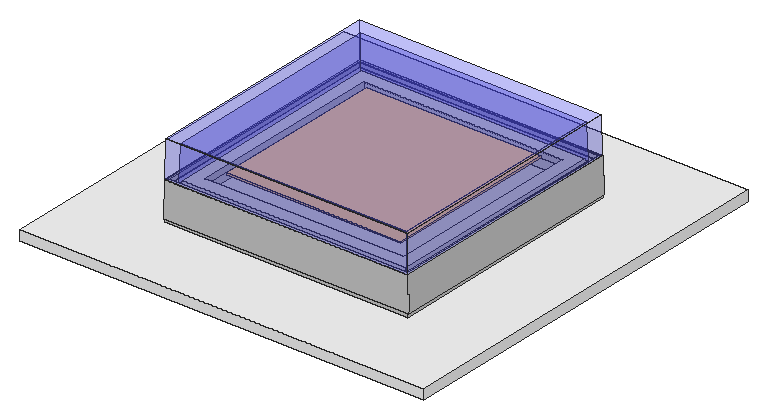
Revit family "BE_33602_de_DE", category Leuchten, Revit 2015
Parameters (values of type "BEGA_33602_Silber_K4")
  built-in parameter 1150104 = 12.808 (stored number, unit not read)
  Wattage = 14 W
  Default Elevation = 0 mm
  built-in parameter 1150113 = 1 (stored number, unit not read)
  built-in parameter 1114218 = 1 (stored number, unit not read)
  Umgebungstemperatur = "25 °C"
  URL = "http://www.bega.de/produkt/33602"
  Typenkommentare = "© 2015 BEGA. Wir behalten uns das Recht vor, technische Änderungen ohne vorherige Ankündigung vorzunehmen."  # constant formula
  Type Image = 33602.png
  built-in parameter 1150134 = 12
  built-in parameter 1150109 = 1 (stored number, unit not read)
  Strom = ""
  built-in parameter 1150110 = 1 (stored number, unit not read)
  Spannung = 0 V
  Sonderanfertigung = no
  Seriennummer [instance] = "Hier können Sie die eindeutige Seriennummer für das Facility Management eintragen."
  Schutzklasse = "I"
  Schutzart = "IP 65"
  Scheinlast = 0 VA
  Produktdatenblatt = "http://www.bega.de/download/datenblaetter/de/33602.pdf"
  Neigungswinkel = 0.00°
  Modell = "33602AK4"
  Material_15 = BEGA_Leuchtmedium_matt
  Material_11 = BEGA_Glas_opal
  Material_02 = BEGA_Oberfläche_Silber_matt
  Material_01 = BEGA_Oberfläche_Grafit_matt
  M_G = no
  M_A = yes
  Logo = 0
  built-in parameter 1114217 = 1 (stored number, unit not read)
  built-in parameter 1150139 = (empty or 0)
  built-in parameter 1150105 = 153.59 (stored number, unit not read)
  built-in parameter 1150114 = 1 (stored number, unit not read)
  Lumens = 1930.04 lm
  built-in parameter 1150115 = 1 (stored number, unit not read)
  Leuchtenlichtstrom = "858 lm"
  Leuchtenanzahl = ""
  Lebensdauerkriterien = "L70 = 50.000 h"
  Lastklassifizierung = Beleuchtung
  built-in parameter 1150112 = 1 (stored number, unit not read)
  Lampenlichtstrom = "1930 lm"
  Lampe = "LED 14 W"
  LED_Modulbezeichnung = "LED-0409/840 "
  built-in parameter 1150142 = (empty or 0)
  Hersteller = "BEGA"  # constant formula
  Halbstreuwinkel = ""
  Gewicht = "3.9 kg"
  Frequenz = "0/50-60 Hz"
  Farbwiedergabeindex = "Ra > 80"
  Farbtemperaturverschiebung bei Dämpfen der Lampe = <Keine Auswahl>
  Farbtemperatur = "4000 K"
  Color Filter = 16777215
  built-in parameter 1150133 = 10 (stored number, unit not read)
  Energieeffizienzklasse = "LED A++ - A"
  built-in parameter 1150137 = (empty or 0)
  built-in parameter 1150132 = (empty or 0)
  Dimmbar = "DALI"
  Datei für fotometrisches Netz = "BE_33602K4.IES"
  CE_Konformität = "ja"
  Bestellnummer = "33602AK4"
  Beschreibung_Sonderanfertigung = "Hier können Sie Informationen zur Sonderanfertigung eintragen."
  Beschreibung = "Wandleuchte"
  built-in parameter 1150106 = 1.5359 (stored number, unit not read)
  Befestigungsbohrung = "Ø 6 mm"
  Befestigungsabstand = "210 mm"
  BEGA_Intern_aus = yes
  BEGA_Intern_an = yes
  BEGA_Intern_Konstruktion = yes
  BEGA_Intern = yes
  BEGA_IES = yes
  BEGA_Dummy = no
  Anschlussleistung [instance] = "16.5 W"
  built-in parameter 1150107 = 4000 (stored number, unit not read)
  built-in parameter 1150102 = (empty or 0)
  built-in parameter 1150138 = (empty or 0)
  Aktualisierung = "2015-10-27T04:08:49"
  AC/DC = "AC/DC"
Types (5, lengths in mm): name | built-in parameter 1150104 | built-in parameter 1150134 | Modell | M_G | M_A | built-in parameter 1150105 | Lumens | Lampenlichtstrom | LED_Modulbezeichnung | Farbtemperatur | Datei für fotometrisches Netz | Bestellnummer | built-in parameter 1150106 | built-in parameter 1150107
  (no name) | 12.808 (stored number, unit not read) | 12 | "33602AK4" | no | yes | 153.59 (stored number, unit not read) | 1930.04 lm | "1930 lm" | "LED-0409/840 " | "4000 K" | "BE_33602K4.IES" | "33602AK4" | 1.5359 (stored number, unit not read) | 4000 (stored number, unit not read)
  BEGA_33602_Grafit_K4 | 12.808 (stored number, unit not read) | 12 | "33602K4" | yes | no | 153.59 (stored number, unit not read) | 1930.04 lm | "1930 lm" | "LED-0409/840 " | "4000 K" | "BE_33602K4.IES" | "33602K4" | 1.5359 (stored number, unit not read) | 4000 (stored number, unit not read)
  BEGA_33602_Silber_K4 | 12.808 (stored number, unit not read) | 12 | "33602AK4" | no | yes | 153.59 (stored number, unit not read) | 1930.04 lm | "1930 lm" | "LED-0409/840 " | "4000 K" | "BE_33602K4.IES" | "33602AK4" | 1.5359 (stored number, unit not read) | 4000 (stored number, unit not read)
  BEGA_33602_Grafit_K3 | 12.011 (stored number, unit not read) | (empty or 0) | "33602" | yes | no | 144.04 (stored number, unit not read) | 1810.06 lm | "1810 lm" | "LED-0409/830 " | "3000 K" | "BE_33602.IES" | "33602" | 1.4404 (stored number, unit not read) | 3000 (stored number, unit not read)
  BEGA_33602_Silber_K3 | 12.011 (stored number, unit not read) | (empty or 0) | "33602A" | no | yes | 144.04 (stored number, unit not read) | 1810.06 lm | "1810 lm" | "LED-0409/830 " | "3000 K" | "BE_33602.IES" | "33602A" | 1.4404 (stored number, unit not read) | 3000 (stored number, unit not read)
Reference planes
  plane 1 "Mitte (Vorne/Hinten)": y = 0
  plane 2: z = 0
  plane 3 "Mitte (Links/Rechts)": x = 0
  plane 4 "Links": x = -121
  plane 5 "Rechts": x = 121
  plane 6 "Unten": y = -120.994
  plane 7 "Oben": y = 120.994
  plane 8 "Vorne": z = 73.729
Forms (mm)
  Extrusion 1, solid, material "BEGA_Platte_Weiss"
    sketch origin (0, -1119.2, 0) x (1, 0, 0) y (0, 1, 0)
      loop
        line (-200, 1319.2) -> (-200, 919.2) -> (200, 919.2) -> (200, 1319.2) -> (-200, 1319.2)
    from 0 to -10
  Extrusion 2, solid, material "BEGA_Dummy_matt", visible <- "BEGA_Dummy"
    sketch origin (80.095, -76.023, 0) x (1, 0, 0) y (0, 1, 0)
      loop
        line (-201.095, 197.017) -> (-201.095, -44.971) -> (40.905, -44.971) -> (40.905, 197.017) -> (-201.095, 197.017)
    from 0 to 73.729
Dimensions and locks
  aligned and locked: Extrusion 1 to plane 2
  aligned and locked: level to Extrusion 1
Nested families
  nested 1: "BE_33602_Wandleuchte" at (0, 0, 0), type "BE_33602_Wandleuchte"
    with Neigungswinkel_um_Y2 0.00°, Neigungswinkel_um_Y1 0.00°, Neigungswinkel_um_X2 0.00°, Neigungswinkel_um_X1 0.00°, Drehwinkel_um_Z2 0.00°, Drehwinkel_um_Z1 0.00°, BEGA_Neigng_Y2 0.00°, BEGA_Neigng_Y1 0.00°, BEGA_Neigng_X2 0.00°, BEGA_Neigng_X1 0.00°, BEGA_Infotext_Winkel no
Connectors
  electrical at (0, 0, 0), driven by "Lastklassifizierung", driven by "Spannung", driven by "Scheinlast"
    settings: index 1, voltage 0 V, apparent load 0 VA, apparent load phase1 0 VA, apparent load phase2 0 VA, apparent load phase3 0 VA, power factor 1, load classification "Beleuchtung", number of poles 1, system type 31, power factor state 1, is connector primary yes, connector utility no, sub classification motor no, connector description ""
Definition of nested family "BE_33602_Wandleuchte"
  Parameters (values of type "BE_33602_Wandleuchte")
    Default Elevation = 1 mm
    URL = "http://www.bega.de/de/produkt"
    Type Comments = "© 2015 BEGA. Wir behalten uns das Recht vor, technische Änderungen ohne vorherige Ankündigung vorzunehmen. "  # constant formula
    Type Image = Bega_Revit_Typenbild_78x78.png
    Neigungswinkel_um_Y2 [instance] = 0.00°
    Neigungswinkel_um_Y1 [instance] = 0.00°
    Neigungswinkel_um_X2 [instance] = 0.00°
    Neigungswinkel_um_X1 [instance] = 0.00°
    Material_15 = none
    Material_11 = none
    Material_02 = none
    M_G = yes
    M_A = yes
    Länge_Platte = 260 mm  # constant formula
    Höhe_Platte = -10 mm  # constant formula
    Manufacturer = "BEGA"  # constant formula
    Drehwinkel_um_Z2 [instance] = 0.00°
    Drehwinkel_um_Z1 [instance] = 0.00°
    Breite_Platte = 260 mm  # constant formula
    BEGA_Neigng_Y2 [instance] = if(Neigungswinkel_um_Y2 < -30.00°, -30.00°, if(Neigungswinkel_um_Y2 > 30.00°, 30.00°, Neigungswinkel_um_Y2))  # 0.00°
    BEGA_Neigng_Y1 [instance] = if(Neigungswinkel_um_X2 < -30.00°, -30.00°, if(Neigungswinkel_um_X2 > 30.00°, 30.00°, Neigungswinkel_um_X2))  # 0.00°
    BEGA_Neigng_X2 [instance] = if(Neigungswinkel_um_Y1 < -30.00°, -30.00°, if(Neigungswinkel_um_Y1 > 30.00°, 30.00°, Neigungswinkel_um_Y1))  # 0.00°
    BEGA_Neigng_X1 [instance] = if(Neigungswinkel_um_X1 < -30.00°, -30.00°, if(Neigungswinkel_um_X1 > 30.00°, 30.00°, Neigungswinkel_um_X1))  # 0.00°
    BEGA_Infotext_Winkel [instance] = if(or(Neigungswinkel_um_X1 < -30.00°, Neigungswinkel_um_X1 > 30.00°, Neigungswinkel_um_X2 < -30.00°, Neigungswinkel_um_X2 > 30.00°, Neigungswinkel_um_Y1 < -30.00°, Neigungswinkel_um_Y1 > 30.00°, Neigungswinkel_um_Y2 < -30.00°, Neigungswinkel_um_Y2 > 30.00°), 1 < 2, 1 > 2)  # no
    Aktualisierung = "Stand: 25.03.2015"  # constant formula
  Reference planes
    plane 1 "Mitte (Oben/Unten)": y = 0
    plane 2: z = 0
    plane 3 "Mitte (Links/Rechts)": x = 0
    plane 4 "Vorne": z = 73.729
    plane 5: x = 121
    plane 6: y = 120.994
    plane 7: x = -121
    plane 8: y = -120.994
  Forms (mm)
    Extrusion 1, solid, detail levels medium
      sketch origin (0, 0, 0) x (1, 0, 0) y (0, 1, 0)
        loop
          line (-130, 130) -> (-130, -130) -> (130, -130) -> (130, 130) -> (-130, 130)
      from 0 to -10 <- "Höhe_Platte"
    Sweep 2, solid, visible <- "M_G", detail levels medium+fine
      path origin (0, 0, 0) x (1, 0, 0) y (0, 1, 0)
        loop
          line (121, 120.994) -> (-121, 120.994) -> (-121, -120.951) -> (121, -120.951) -> (121, 120.994)
      profile origin (0, 120.994, 0) x (0, -1, 0) y (0, 0, 1)
        loop
          line (13.354, 11) -> (8.738, 11) -> (7.994, 19.5) -> (4.494, 19.5) -> (3.918, 3) -> (0.599, 3) -> (0.494, 0) -> (9, 0) -> (9, 8) -> (13.354, 8) -> (13.354, 11)
    Extrusion 3, solid, visible <- "M_G", detail levels medium+fine
      sketch origin (0, 0, 0) x (0, 1, 0) y (0, 0, 1)
        loop
          line (107.64, 11) -> (-107.597, 11) -> (-107.597, 8) -> (107.64, 8) -> (107.64, 11)
      from -107.646 to 107.646
    Sweep 4, solid, visible <- "M_G", detail levels medium+fine
      path origin (0, 0, 0) x (1, 0, 0) y (0, 1, 0)
        loop
          line (121, 120.994) -> (-121, 120.994) -> (-121, -120.951) -> (121, -120.951) -> (121, 120.994)
      profile origin (0, 120.994, 0) x (0, -1, 0) y (0, 0, 1)
        loop
          line (0, 3.2) -> (2, 3.2) -> (2.838, 27.2) -> (5.359, 27.2) -> (5.498, 23.2) -> (12.043, 23.2) -> (12.27, 29.7) -> (22.284, 29.7) -> (22.5, 35.9) -> (10.543, 35.9) -> (10.014, 32.9) -> (2.633, 32.9) -> (2.333, 37.7) -> (0.602, 37.7) -> (0, 3.2)
    Extrusion 5, solid, material <- "Material_15", detail levels medium+fine
      sketch origin (0, 0, 0) x (0, 1, 0) y (0, 0, 1)
        loop
          line (85.997, 40.15) -> (-86.003, 40.15) -> (-86.003, 38.6) -> (85.997, 38.6) -> (85.997, 40.15)
      from -85.997 to 86.003
    Sweep 6, solid, material <- "Material_11", detail levels medium+fine
      path origin (0, 0, 0) x (1, 0, 0) y (0, 1, 0)
        loop
          line (-121, 120.994) -> (-121, -120.951) -> (121, -120.951) -> (121, 120.994) -> (-121, 120.994)
      profile origin (0, 120.994, 0) x (0, 1, 0) y (0, 0, 1)
        loop
          line (-0.594, 37.2) -> (-1.232, 73.729) -> (-25.859, 73.729) -> (-25.859, 68.735) -> (-9.342, 68.735) -> (-8.094, 33) -> (-2.994, 33) -> (-2.847, 37.2) -> (-0.594, 37.2)
    Extrusion 7, solid, material <- "Material_11", detail levels medium+fine
      sketch origin (0, 0, 0) x (0, 1, 0) y (0, 0, 1)
        loop
          line (95.135, 73.729) -> (-95.092, 73.729) -> (-95.092, 68.735) -> (95.135, 68.735) -> (95.135, 73.729)
      from -95.141 to 95.141
    Extrusion 8, void
      sketch origin (0, 0, 0) x (1, 0, 0) y (0, 1, 0)
        loop
          circle (-98.5, -72.5) r 8.5
        loop
          circle (-98.5, -97.5) r 8.5
      from 0 to 14.683
    Extrusion 9, void
      sketch origin (0, 0, 0) x (1, 0, 0) y (0, 1, 0)
        loop
          circle (0, -104.006) r 3
        loop
          circle (0, 103.994) r 3
      from 0 to 19.5
    Sweep 10, solid, material <- "Material_02", visible <- "M_A", detail levels medium+fine
      path origin (0, 0, 0) x (1, 0, 0) y (0, 1, 0)
        loop
          line (121, 120.994) -> (-121, 120.994) -> (-121, -120.951) -> (121, -120.951) -> (121, 120.994)
      profile origin (0, 120.994, 0) x (0, -1, 0) y (0, 0, 1)
        loop
          line (0, 3.2) -> (2, 3.2) -> (2.838, 27.2) -> (5.359, 27.2) -> (5.498, 23.2) -> (12.043, 23.2) -> (12.27, 29.7) -> (22.284, 29.7) -> (22.5, 35.9) -> (10.543, 35.9) -> (10.014, 32.9) -> (2.633, 32.9) -> (2.333, 37.7) -> (0.602, 37.7) -> (0, 3.2)
    Sweep 11, solid, material <- "Material_02", visible <- "M_A", detail levels medium+fine
      path origin (0, 0, 0) x (1, 0, 0) y (0, 1, 0)
        loop
          line (121, 120.994) -> (-121, 120.994) -> (-121, -120.951) -> (121, -120.951) -> (121, 120.994)
      profile origin (0, 120.994, 0) x (0, -1, 0) y (0, 0, 1)
        loop
          line (13.354, 11) -> (8.738, 11) -> (7.994, 19.5) -> (4.494, 19.5) -> (3.918, 3) -> (0.599, 3) -> (0.494, 0) -> (9, 0) -> (9, 8) -> (13.354, 8) -> (13.354, 11)
    Extrusion 12, solid, material <- "Material_02", visible <- "M_A", detail levels medium+fine
      sketch origin (0, 0, 0) x (0, 1, 0) y (0, 0, 1)
        loop
          line (107.64, 11) -> (-107.597, 11) -> (-107.597, 8) -> (107.64, 8) -> (107.64, 11)
      from -107.646 to 107.646
    Extrusion 13, void
      sketch origin (0, 0, 0) x (1, 0, 0) y (0, 1, 0)
        loop
          circle (-98.5, -72.5) r 8.5
        loop
          circle (-98.5, -97.5) r 8.5
      from 0 to 14.683
    Extrusion 14, void
      sketch origin (0, 0, 0) x (1, 0, 0) y (0, 1, 0)
        loop
          circle (0, -104.006) r 3
        loop
          circle (0, 103.994) r 3
      from 0 to 19.5
  Cuts and joins
    Extrusion 8, Extrusion 9, Extrusion 13, Extrusion 14 cuts Sweep 2
    Extrusion 8, Extrusion 9, Extrusion 13, Extrusion 14 cuts Extrusion 3
    joined: Sweep 2, Extrusion 3
    Extrusion 8, Extrusion 9 cuts Sweep 6
    Extrusion 8, Extrusion 9 cuts Extrusion 7
    joined: Sweep 6, Extrusion 7
    Extrusion 8, Extrusion 9 cuts Sweep 4
    Extrusion 13, Extrusion 14 cuts Extrusion 12
    joined: Sweep 11, Extrusion 12
  Dimensions and locks
    equal spacing: Extrusion 1 sketch curve, plane 3 "Mitte (Links/Rechts)", Extrusion 1 sketch curve
    equal spacing: Extrusion 1 sketch curve, plane 1 "Mitte (Oben/Unten)", Extrusion 1 sketch curve
    "Länge_Platte": Extrusion 1 sketch curve to Extrusion 1 sketch curve
    "Breite_Platte": Extrusion 1 sketch curve to Extrusion 1 sketch curve
    plane 1 "Mitte (Oben/Unten)" to Extrusion 1 = 130 mm  (x3)
    aligned and locked: Extrusion 1 to plane 2
    aligned and locked: Extrusion 1 to level
  Automatic sketch dimensions
    Sweep 2 sketch curve to level = 0 mm
    Sweep 2 sketch curve to profile plane = 0.494 mm
    Sweep 2 sketch curve to profile plane = 0.599 mm
    Sweep 2 sketch curve to Sweep 2 sketch curve = 3.319 mm
    Sweep 2 sketch curve to profile plane = 4.494 mm
    Sweep 2 sketch curve to Sweep 2 sketch curve = 3.5 mm
    Sweep 2 sketch curve to Sweep 2 sketch curve = 0.744 mm
    Sweep 2 sketch curve to Sweep 2 sketch curve = 0.262 mm
    level to Sweep 2 sketch curve = 3 mm
    Sweep 2 sketch curve to Sweep 2 sketch curve = 5 mm
    Sweep 2 sketch curve to Sweep 2 sketch curve = 3 mm
    Sweep 2 sketch curve to Sweep 2 sketch curve = 8.5 mm
    Sweep 2 sketch curve to Sweep 2 sketch curve = 4.616 mm
    level to Extrusion 3 sketch curve = 8 mm
    Extrusion 3 sketch curve to Extrusion 3 sketch curve = 3 mm
    Sweep 4 sketch curve to profile plane = 0 mm
    level to Sweep 4 sketch curve = 3.2 mm
    Sweep 4 sketch curve to profile plane = 0.602 mm
    Sweep 4 sketch curve to profile plane = 2 mm
    Sweep 4 sketch curve to Sweep 4 sketch curve = 1.731 mm
    Sweep 4 sketch curve to profile plane = 2.633 mm
    Sweep 4 sketch curve to profile plane = 2.838 mm
    Sweep 4 sketch curve to Sweep 4 sketch curve = 2.521 mm
    Sweep 4 sketch curve to Sweep 4 sketch curve = 0.14 mm
    Sweep 4 sketch curve to Sweep 4 sketch curve = 7.381 mm
    Sweep 4 sketch curve to Sweep 4 sketch curve = 6.545 mm
    Sweep 4 sketch curve to Sweep 4 sketch curve = 0.529 mm
    Sweep 4 sketch curve to Sweep 4 sketch curve = 2.256 mm
    Sweep 4 sketch curve to Sweep 4 sketch curve = 10.014 mm
    Sweep 4 sketch curve to Sweep 4 sketch curve = 0.217 mm
    Sweep 4 sketch curve to Sweep 4 sketch curve = 20 mm
    Sweep 4 sketch curve to Sweep 4 sketch curve = 4 mm
    Sweep 4 sketch curve to Sweep 4 sketch curve = 6.5 mm
    Sweep 4 sketch curve to Sweep 4 sketch curve = 3 mm
    Sweep 4 sketch curve to Sweep 4 sketch curve = 6.2 mm
    Sweep 4 sketch curve to Sweep 4 sketch curve = 4.8 mm
    plane 1 "Mitte (Oben/Unten)" to Extrusion 5 sketch curve = 86.003 mm
    level to Extrusion 5 sketch curve = 38.6 mm
    Extrusion 5 sketch curve to plane 1 "Mitte (Oben/Unten)" = 85.997 mm
    Extrusion 5 sketch curve to Extrusion 5 sketch curve = 1.55 mm
    profile plane to Sweep 6 sketch curve = 25.859 mm
    profile plane to Sweep 6 sketch curve = 8.094 mm
    level to Sweep 6 sketch curve = 33 mm
    profile plane to Sweep 6 sketch curve = 9.342 mm
    profile plane to Sweep 6 sketch curve = 2.994 mm
    profile plane to Sweep 6 sketch curve = 2.847 mm
    profile plane to Sweep 6 sketch curve = 1.232 mm
    profile plane to Sweep 6 sketch curve = 0.594 mm
    Sweep 6 sketch curve to Sweep 6 sketch curve = 4.2 mm
    Sweep 6 sketch curve to Sweep 6 sketch curve = 31.535 mm
    Sweep 6 sketch curve to Sweep 6 sketch curve = 4.994 mm
    level to Extrusion 7 sketch curve = 68.735 mm
    Extrusion 7 sketch curve to plane 1 "Mitte (Oben/Unten)" = 95.135 mm
    Extrusion 7 sketch curve to Extrusion 7 sketch curve = 4.994 mm
    Extrusion 8 sketch curve to plane 3 "Mitte (Links/Rechts)" = 98.5 mm
    Extrusion 8 sketch curve to Extrusion 8 sketch curve = 0 mm
    plane 1 "Mitte (Oben/Unten)" to Extrusion 8 sketch curve = 97.5 mm
    Extrusion 8 sketch curve to Extrusion 8 sketch curve = 25 mm
    Extrusion 9 sketch curve to plane 3 "Mitte (Links/Rechts)" = 0 mm  (x2)
    plane 3 "Mitte (Links/Rechts)" to Sweep 2 sketch curve = 121 mm
    plane 3 "Mitte (Links/Rechts)" to Sweep 4 sketch curve = 121 mm
    plane 3 "Mitte (Links/Rechts)" to Sweep 6 sketch curve = 121 mm
    Sweep 2 sketch curve to plane 3 "Mitte (Links/Rechts)" = 121 mm
    Sweep 4 sketch curve to plane 3 "Mitte (Links/Rechts)" = 121 mm
    Sweep 6 sketch curve to plane 3 "Mitte (Links/Rechts)" = 121 mm
    plane 1 "Mitte (Oben/Unten)" to Sweep 2 sketch curve = 120.951 mm
    plane 1 "Mitte (Oben/Unten)" to Extrusion 3 sketch curve = 107.597 mm
    plane 1 "Mitte (Oben/Unten)" to Sweep 4 sketch curve = 120.951 mm
    plane 1 "Mitte (Oben/Unten)" to Sweep 6 sketch curve = 120.951 mm
    plane 1 "Mitte (Oben/Unten)" to Extrusion 7 sketch curve = 95.092 mm
    plane 1 "Mitte (Oben/Unten)" to Extrusion 9 sketch curve = 104.006 mm
    Sweep 2 sketch curve to plane 1 "Mitte (Oben/Unten)" = 120.994 mm
    Extrusion 3 sketch curve to plane 1 "Mitte (Oben/Unten)" = 107.64 mm
    Sweep 4 sketch curve to plane 1 "Mitte (Oben/Unten)" = 120.994 mm
    Sweep 6 sketch curve to plane 1 "Mitte (Oben/Unten)" = 120.994 mm
    Extrusion 9 sketch curve to plane 1 "Mitte (Oben/Unten)" = 103.994 mm
    Sweep 10 sketch curve to plane 6 = 0 mm
    Sweep 10 sketch curve to plane 7 = 0 mm
    Sweep 10 sketch curve to plane 5 = 0 mm
    plane 8 to Sweep 10 sketch curve = 0.043 mm
    Sweep 10 sketch curve to profile plane = 0 mm
    Sweep 10 sketch curve to profile plane = 0.602 mm
    Sweep 10 sketch curve to profile plane = 2 mm
    Sweep 10 sketch curve to Sweep 10 sketch curve = 1.731 mm
    Sweep 10 sketch curve to profile plane = 2.633 mm
    Sweep 10 sketch curve to profile plane = 2.838 mm
    Sweep 10 sketch curve to Sweep 10 sketch curve = 2.521 mm
    Sweep 10 sketch curve to Sweep 10 sketch curve = 0.14 mm
    Sweep 10 sketch curve to Sweep 10 sketch curve = 4.655 mm
    Sweep 10 sketch curve to Sweep 10 sketch curve = 0.529 mm
    Sweep 10 sketch curve to Sweep 10 sketch curve = 6.545 mm
    Sweep 10 sketch curve to Sweep 10 sketch curve = 2.256 mm
    Sweep 10 sketch curve to Sweep 10 sketch curve = 10.014 mm
    Sweep 10 sketch curve to Sweep 10 sketch curve = 0.217 mm
    level to Sweep 10 sketch curve = 3.2 mm
    Sweep 10 sketch curve to Sweep 10 sketch curve = 20 mm
    Sweep 10 sketch curve to Sweep 10 sketch curve = 4 mm
    Sweep 10 sketch curve to Sweep 10 sketch curve = 6.5 mm
    Sweep 10 sketch curve to Sweep 10 sketch curve = 5.7 mm
    Sweep 10 sketch curve to Sweep 10 sketch curve = 3 mm
    Sweep 10 sketch curve to Sweep 10 sketch curve = 4.8 mm
    Sweep 11 sketch curve to plane 6 = 0 mm
    Sweep 11 sketch curve to plane 7 = 0 mm
    Sweep 11 sketch curve to plane 5 = 0 mm
    plane 8 to Sweep 11 sketch curve = 0.043 mm
    Sweep 11 sketch curve to level = 0 mm
    Sweep 11 sketch curve to profile plane = 0.494 mm
    Sweep 11 sketch curve to profile plane = 0.599 mm
    Sweep 11 sketch curve to Sweep 11 sketch curve = 3.319 mm
    Sweep 11 sketch curve to profile plane = 4.494 mm
    Sweep 11 sketch curve to Sweep 11 sketch curve = 3.5 mm
    Sweep 11 sketch curve to Sweep 11 sketch curve = 0.744 mm
    Sweep 11 sketch curve to Sweep 11 sketch curve = 0.262 mm
    Sweep 11 sketch curve to Sweep 11 sketch curve = 4.354 mm
    level to Sweep 11 sketch curve = 3 mm
    level to Sweep 11 sketch curve = 8 mm
    Sweep 11 sketch curve to Sweep 11 sketch curve = 3 mm
    Sweep 11 sketch curve to Sweep 11 sketch curve = 8.5 mm
    plane 8 to Extrusion 12 sketch curve = 13.396 mm
    plane 6 to Extrusion 12 sketch curve = 13.354 mm
    level to Extrusion 12 sketch curve = 8 mm
    Extrusion 12 sketch curve to Extrusion 12 sketch curve = 3 mm
    plane 7 to Extrusion 13 sketch curve = 22.5 mm  (x2)
    plane 8 to Extrusion 13 sketch curve = 23.494 mm
    Extrusion 13 sketch curve to Extrusion 13 sketch curve = 25 mm
    Extrusion 14 sketch curve to plane 3 "Mitte (Links/Rechts)" = 0 mm  (x2)
    plane 8 to Extrusion 14 sketch curve = 16.988 mm
    plane 6 to Extrusion 14 sketch curve = 17 mm
    radius of Extrusion 8 sketch curve = 8.5 mm  (x2)
    radius of Extrusion 9 sketch curve = 3 mm  (x2)
    radius of Extrusion 13 sketch curve = 8.5 mm  (x2)
    radius of Extrusion 14 sketch curve = 3 mm  (x2)
